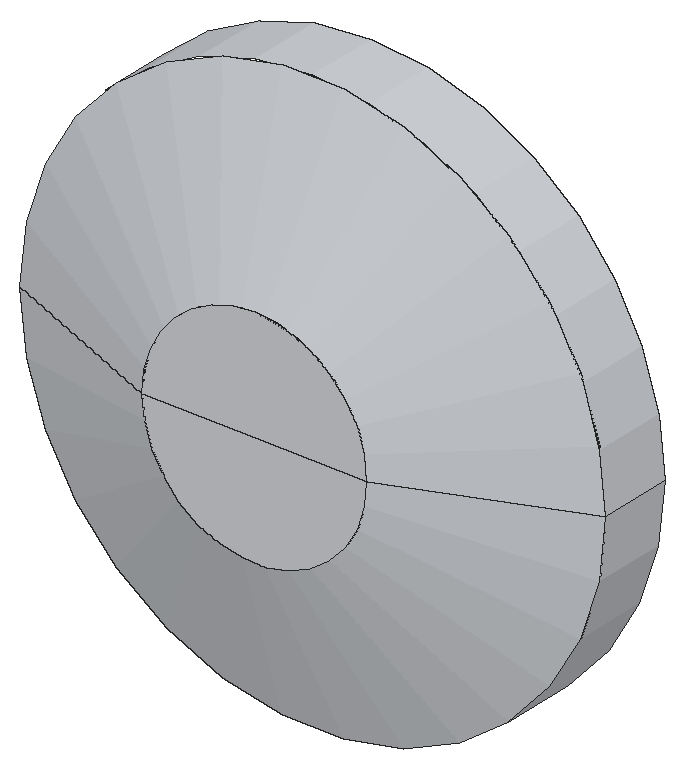
Revit family
Parameters
  Weight Limit = 330
  Warranty Duration (Years) = 0
  Unit Weight = 2.65
  Unit Length = 0' - 7"
  URL = "http://www.pontegiulio.com"
  Trim Radius = 0' - 1 5/8"
  Specification = "http://www.arcat.com/sd/clients/pontegiu.html?coid=43483"
  Send Message = "http://www.arcat.com/users.pl?action=UserEmail&company=Ponte%20Giulio&coid=43483&rep=132&fax=877-766-8306&mf="
  Sales Information = "http://www.pontegiulio.it/us/info.php"
  Revision = "R1_01-2010"
  Return Radius = 0' - 0 3/4"
  Product Properties = "http://www.pgdb.it/schede/us/G40JASxx22_us.pdf"
  Product Data = "http://www.arcat.com/arcatcos/cos43/arc43483.html"
  Model = "Grab Bar as Specified in 10 28 13"
  Manufacturer's Notes = ""
  Manufacturer Website = "http://www.pontegiulio.com"
  Manufacturer Phone - Toll Free = "877-766-8301 "
  Manufacturer Fax = "877-766-8306"
  Manufacturer Address = "W241 S4021 Rockwood Circle, Waukesha, WI 53189"
  Manufacturer = "Ponte Giulio"
  Maintenance Schedule (Months) = 0
  Keynote = "10 28 13"
  Installation-Fabrication = ""
  Installation Phase = ""
  Green Building-LEED = "http://www.arcat.com/green/clients/leed_data_43483.html"
  Expected Lifespan (Years) = 0
  Drawn By = "Robert S. Weygant, CSI, CDT, SCIP"
  Diameter = 0' - 1 1/4"
  Description = "Grab Bar as Specified in 10 28 13"
  Default Elevation = 2' - 0"
  Copyright = "2010 ARCAT, Inc"
  Construction Details = ""
  Clear Space From Wall = 0' - 3 5/16"
  Building Codes = ""
  Bath Fixture Material [instance] = none
  Assembly Code = "C1030200"
  AK_G40JASxx22 Model = no
  AK_G40JASxx21 Model = no
  AK_Code Compliance = "ADA"
Reference planes (in)
  plane 1 "Center (Front/Back)": y = 0
  plane 2: z = 0
  plane 3 "Center (Left/Right)": x = 0
  plane 4: x = 7
  plane 5: y = -3.9375
  plane 6 "CL": z = 24
  plane 7 "CL 2": z = 17
  plane 8: y = -3.3125
Forms (in)
  Revolve 1, solid, material <- "Bath Fixture Material"
    sketch origin (0, 0, 24) x (1, 0, 0) y (0, 1, 0)
      loop
        line (0, 0) -> (0, -0.8125) -> (0.625, -0.8125) -> (1.625, -0.40625) -> (1.625, 0) -> (0, 0)
      axis (0, -0.8125) -> (0, 0)
    angle from 0 to 360
  Revolve 2, solid, material <- "Bath Fixture Material", visible <- "AK_G40JASxx22 Model"
    sketch origin (48, 0, 17) x (1, 0, 0) y (0, 1, 0)
      loop
        line (-41, 0) -> (-41, -0.8125) -> (-40.375, -0.8125) -> (-39.375, -0.40625) -> (-39.375, 0) -> (-41, 0)
      axis (-41, -0.8125) -> (-41, 0)
    angle from 0 to 360
  Sweep 3, solid, material <- "Bath Fixture Material", visible <- "AK_G40JASxx22 Model"
    path in 3D
      loop
        line (0, 0, 24) -> (0, -1.3125, 24)
        arc (0, -1.3125, 24) -> (0, -3.16866, 23.23116) -> (0, -3.9375, 21.375) r 2.625
        line (0, -3.9375, 21.375) -> (0, -3.9375, 17.75)
        arc (0, -3.9375, 17.75) -> (0.21967, -3.9375, 17.21967) -> (0.75, -3.9375, 17) r 0.75
        line (0.75, -3.9375, 17) -> (4.375, -3.9375, 17)
        arc (4.375, -3.9375, 17) -> (6.23116, -3.16866, 17) -> (7, -1.3125, 17) r 2.625
        line (7, -1.3125, 17) -> (7, 0, 17)
    profile origin (0, -0.65625, 24) x (0, 0, -1) y (1, 0, 0)
      loop
        circle (0, 0) r 0.625
  Revolve 4, solid, material <- "Bath Fixture Material", visible <- "AK_G40JASxx21 Model"
    sketch origin (48, 0, 24) x (1, 0, 0) y (0, 1, 0)
      loop
        line (-41.375, 0) -> (-41.375, -0.8125) -> (-40.75, -0.8125) -> (-39.75, -0.40625) -> (-39.75, 0) -> (-41.375, 0)
      axis (-41.375, -0.8125) -> (-41.375, 0)
    angle from 0 to 360
  Sweep 5, solid, material <- "Bath Fixture Material", visible <- "AK_G40JASxx21 Model"
    path in 3D
      loop
        line (0, 0, 24) -> (0, -3.1875, 24)
        arc (0, -3.1875, 24) -> (0, -4.29235, 23.54235) -> (0, -4.75, 22.4375) r 1.5625
        line (0, -4.75, 22.4375) -> (0, -4.75, 18.1875)
        arc (0, -4.75, 18.1875) -> (0.45765, -4.75, 17.08265) -> (1.5625, -4.75, 16.625) r 1.5625
        line (1.5625, -4.75, 16.625) -> (5.0625, -4.75, 16.625)
        arc (5.0625, -4.75, 16.625) -> (6.16735, -4.75, 17.08265) -> (6.625, -4.75, 18.1875) r 1.5625
        line (6.625, -4.75, 18.1875) -> (6.625, -4.75, 22.4375)
        arc (6.625, -4.75, 22.4375) -> (6.625, -4.29235, 23.54235) -> (6.625, -3.1875, 24) r 1.5625
        line (6.625, -3.1875, 24) -> (6.625, 0, 24)
    profile origin (0, -1.59375, 24) x (0, 0, -1) y (1, 0, 0)
      loop
        circle (0, 0) r 0.625
Lines and regions (in)
  sketch lines
    curve 1: line (0, 0, 24) -> (0, -1.3125, 24)
    curve 2: arc (0, -1.3125, 24) -> (0, -3.16866, 23.23116) -> (0, -3.9375, 21.375) r 2.625
    curve 3: line (0, -3.9375, 17.75) -> (0, -3.9375, 21.375)
    curve 4: arc (0, -3.9375, 17.75) -> (0.21967, -3.9375, 17.21967) -> (0.75, -3.9375, 17) r 0.75
    curve 5: line (4.375, -3.9375, 17) -> (0.75, -3.9375, 17)
    curve 6: arc (7, -1.3125, 17) -> (6.23116, -3.16866, 17) -> (4.375, -3.9375, 17) r 2.625
    curve 7: line (7, 0, 17) -> (7, -1.3125, 17)
    curve 8: line (0, 0, 24) -> (0, -3.1875, 24)
    curve 9: arc (0, -3.1875, 24) -> (0, -4.29235, 23.54235) -> (0, -4.75, 22.4375) r 1.5625
    curve 10: line (0, -4.75, 18.1875) -> (0, -4.75, 22.4375)
    curve 11: arc (0, -4.75, 18.1875) -> (0.45765, -4.75, 17.08265) -> (1.5625, -4.75, 16.625) r 1.5625
    curve 12: line (1.5625, -4.75, 16.625) -> (5.0625, -4.75, 16.625)
    curve 13: arc (5.0625, -4.75, 16.625) -> (6.16735, -4.75, 17.08265) -> (6.625, -4.75, 18.1875) r 1.5625
    curve 14: line (6.625, -4.75, 18.1875) -> (6.625, -4.75, 22.4375)
    curve 15: arc (6.625, -3.1875, 24) -> (6.625, -4.29235, 23.54235) -> (6.625, -4.75, 22.4375) r 1.5625
    curve 16: line (6.625, 0, 24) -> (6.625, -3.1875, 24)
Dimensions and locks (in)
  "Unit Length": plane 3 "Center (Left/Right)" to plane 4  (x2)
  plane 5 to plane 1 "Center (Front/Back)" = 0' - 3 15/16"
  "Default Elevation": plane 6 "CL" to level
  locked: Revolve 2 sketch curve to Revolve 2 sketch curve at 0.8125
  locked: plane 8 to plane 5 at 0.625
  "Clear Space From Wall": plane 1 "Center (Front/Back)" to plane 8
  locked: Revolve 4 sketch curve to Revolve 4 sketch curve at 0.8125
  aligned and locked: plane 1 "Center (Front/Back)" to Revolve 1 sketch curve
  aligned and locked: Revolve 1 sketch curve to plane 3 "Center (Left/Right)"
  aligned and locked: plane 6 "CL" to Revolve 1
  aligned and locked: curve 5 to curve 6
  aligned and locked: curve 5 to curve 4
  aligned and locked: curve 1 to plane 3 "Center (Left/Right)"
  aligned and locked: plane 1 "Center (Front/Back)" to curve 1
Automatic sketch dimensions
  Sweep 3 sketch curve to profile plane = 0' - 0"  (x2)
  Revolve 1 sketch curve to plane 3 "Center (Left/Right)" = 0' - 0"
  plane 3 "Center (Left/Right)" to Revolve 1 sketch curve = 0' - 0 5/8"
  Revolve 1 sketch curve to Revolve 1 sketch curve = 0' - 1"
  plane 1 "Center (Front/Back)" to Revolve 1 sketch curve = 0' - 0 13/32"
  plane 1 "Center (Front/Back)" to Revolve 1 sketch curve = 0' - 0 13/16"
  Revolve 1 sketch curve to plane 5 = 8' - 5.15632"
  Revolve 1 sketch curve to Revolve 1 sketch curve = 2' - 0"
  Revolve 2 sketch curve to plane 4 = 0' - 0"  (x2)
  Revolve 2 sketch curve to plane 1 "Center (Front/Back)" = 0' - 0"
  plane 4 to Revolve 2 sketch curve = 0' - 0 5/8"
  plane 1 "Center (Front/Back)" to Revolve 2 sketch curve = 0' - 0 13/32"
  Revolve 2 sketch curve to Revolve 2 sketch curve = 0' - 1"
  Revolve 2 sketch curve to plane 5 = 8' - 5.21882"
  Revolve 2 sketch curve to plane 1 "Center (Front/Back)" = 2' - 0"
  Revolve 4 sketch curve to plane 1 "Center (Front/Back)" = 0' - 0"
  Revolve 4 sketch curve to plane 4 = 0' - 0 3/8"  (x2)
  plane 4 to Revolve 4 sketch curve = 0' - 0 1/4"
  plane 1 "Center (Front/Back)" to Revolve 4 sketch curve = 0' - 0 13/32"
  Revolve 4 sketch curve to Revolve 4 sketch curve = 0' - 1"
  Revolve 4 sketch curve to plane 5 = 8' - 5.96882"
  Revolve 4 sketch curve to plane 1 "Center (Front/Back)" = 2' - 0"
  Sweep 5 sketch curve to profile plane = 0' - 0"  (x2)
  radius of Sweep 3 sketch curve = 0' - 0 5/8"
  radius of Sweep 5 sketch curve = 0' - 0 5/8"
